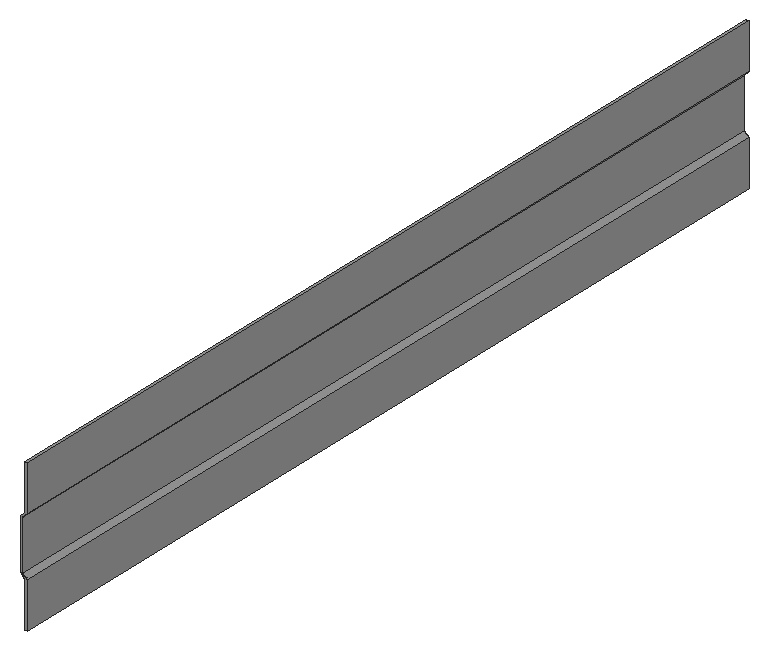
Revit family "Stoßstellenleiste", category Generic Models, Revit 2015
Parameters (values of type "SSLB 600 DD")
  Width = 485 mm
  URL = "http://www.obo-bettermann.com"
  Material = Steel, Galvanized
  Manufacturer Art.No. = "7070334"
  Manufacturer = "OBO Bettermann"
  GTIN = "4012196095667"
  Article Type = "SSLB 600 DD"
Types (15, lengths in mm): name | Width | Manufacturer Art.No. | GTIN | Article Type
  (no name) | 485 | "7070334" | "4012196095667" | "SSLB 600 DD"
  SSLB 100 FS | 85 | "7070205" | "4012196079971" | "SSLB 100 FS"
  SSLB 150 FS | 135 | "7070209" | "4012196094820" | "SSLB 150 FS"
  SSLB 200 FS | 185 | "7070213" | "4012196094882" | "SSLB 200 FS"
  SSLB 300 FS | 285 | "7070217" | "4012196094943" | "SSLB 300 FS"
  SSLB 400 FS | 385 | "7070221" | "4012196095001" | "SSLB 400 FS"
  SSLB 500 FS | 485 | "7070225" | "4012196095063" | "SSLB 500 FS"
  SSLB 600 FS | 585 | "7070233" | "4012196095186" | "SSLB 600 FS"
  SSLB 100 DD | 85 | "7070306" | "4012196095186" | "SSLB 100 DD"
  SSLB 150 DD | 135 | "7070310" | "4012196095308" | "SSLB 150 DD"
  SSLB 200 DD | 185 | "7070314" | "4012196095360" | "SSLB 200 DD"
  SSLB 300 DD | 285 | "7070318" | "4012196095421" | "SSLB 300 DD"
  SSLB 400 DD | 385 | "7070322" | "4012196095483" | "SSLB 400 DD"
  SSLB 500 DD | 485 | "7070326" | "4012196095544" | "SSLB 500 DD"
  SSLB 600 DD | 485 | "7070334" | "4012196095667" | "SSLB 600 DD"
Reference planes
  plane 1 "Center (Front/Back)": y = 0
  plane 2: z = 0
  plane 3 "Center (Left/Right)": x = 0
  plane 4: z = 40.5
  plane 5: x = -1.482
  plane 6: z = -40.5
  plane 7: x = -4
  plane 8: z = 16
  plane 9: z = -16
  plane 10: x = -2.5
  plane 11: y = -242.5
  plane 12: y = 242.5
Forms (mm)
  Extrusion 1, solid, material "Steel, Galvanized" <- "Material"
    sketch origin (0, 0, 0) x (1, 0, 0) y (0, 0, 1)
      loop
        line (0, 16) -> (0, 40.5) -> (-1.482, 40.5) -> (-1.482, 16) -> (-4, 13.482) -> (-4, -13.482) -> (-1.482, -16) -> (-1.482, -40.5) -> (0, -40.5) -> (0, -16) -> (-2.5, -13.5) -> (-2.5, 13.5) -> (0, 16)
    from -242.5 to 242.5
Lines and regions (mm)
  reference lines
    curve 1: line (-1.482, 0, 16) -> (-4, 0, 13.482)
    curve 2: line (0, 0, 16) -> (-2.5, 0, 13.5)
    curve 3: line (-1.482, 0, -16) -> (-4, 0, -13.482)
    curve 4: line (0, 0, -16) -> (-2.5, 0, -13.5)
Dimensions and locks
  equal spacing: plane 6, level, plane 4
  locked: plane 3 "Center (Left/Right)" to plane 7 at 4
  locked: plane 6 to plane 4 at 81
  equal spacing: plane 9, level, plane 8
  locked: plane 9 to plane 8 at 32
  locked: plane 7 to plane 10 at 1.5
  equal spacing: plane 12, plane 1 "Center (Front/Back)", plane 11
  "Width": plane 12 to plane 11
  aligned and locked: level to plane 2
  aligned and locked: plane 8 to curve 1
  aligned and locked: plane 7 to curve 1
  aligned and locked: plane 8 to curve 2
  aligned and locked: plane 10 to curve 2
  aligned and locked: plane 9 to curve 3
  aligned and locked: plane 7 to curve 3
  aligned and locked: plane 3 "Center (Left/Right)" to curve 4
  aligned and locked: plane 10 to curve 4
  aligned and locked: plane 3 "Center (Left/Right)" to Extrusion 1 sketch curve  (x2)
  aligned and locked: plane 4 to Extrusion 1 sketch curve
  aligned and locked: plane 5 to Extrusion 1 sketch curve  (x2)
  aligned and locked: Extrusion 1 sketch curve to curve 1
  aligned and locked: plane 7 to Extrusion 1 sketch curve
  aligned and locked: Extrusion 1 sketch curve to curve 3
  aligned and locked: Extrusion 1 sketch curve to plane 6
  aligned and locked: Extrusion 1 sketch curve to curve 4
  aligned and locked: Extrusion 1 sketch curve to plane 10
  aligned and locked: Extrusion 1 sketch curve to curve 2
  aligned and locked: Extrusion 1 to plane 12
  aligned and locked: plane 11 to Extrusion 1
Automatic sketch dimensions
  plane 5 to curve 3 = 0 mm
  plane 5 to curve 1 = 0 mm
  curve 2 to plane 3 "Center (Left/Right)" = 0 mm
  curve 4 to plane 9 = 0 mm
  plane 9 to curve 4 = 2.5 mm
  curve 4 to curve 3 = 0.018 mm
  curve 1 to plane 8 = 2.518 mm
  curve 1 to curve 2 = 0.018 mm
  Extrusion 1 sketch curve to Extrusion 1 sketch curve = 0.018 mm
